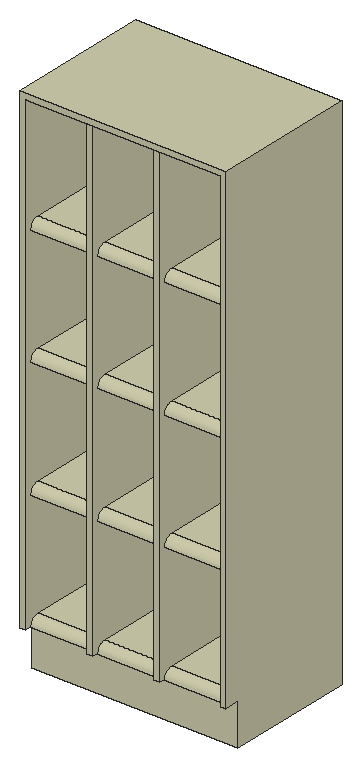
Revit family "Wenger Cabinet 25", category Furniture, Revit 2011
Parameters (values of type "Standard Cabinet #25")
  URL = "http://www.wengercorp.com/Home/Contact.html"
  Toekick Material [instance] = none
  RH End Panel [instance] = no
  Model = "25"
  Manufacturer = "Wenger Corporation"
  LH End Panel [instance] = no
  End Panel Material [instance] = none
  Edge Banding Material [instance] = none
  Door Material [instance] = none
  Description = "Standard Cabinet #25"
  Cabinet Width = 2' - 3 1/2"
  Cabinet Label = Labels : Standard
  Cabinet Height = 5' - 9 3/4"
  Cabinet Depth = 1' - 7 1/4"
  Cabinet Back Thickness = 0' - 0 3/4"
  Assembly Code = ""
Types (4): name | Model | Description | Cabinet Width | Cabinet Label | Cabinet Depth | Cabinet Back Thickness
  Standard Cabinet #25 | "25" | "Standard Cabinet #25" | 2' - 3 1/2" | Labels : Standard | 1' - 7 1/4" | 0' - 0 3/4"
  Acoustic Cabinet #25 | "25A" | "Acoustic Cabinet #25" | 2' - 3 1/2" | Labels : Acoustic | 1' - 9 3/4" | 0' - 3 1/4"
  Narrow Acoustic Cabinet #25 | "25NA" | "Narrow Acoustic Cabinet #25" | 1' - 9 1/2" | Labels : Narrow Acoustic | 1' - 9 3/4" | 0' - 3 1/4"
  Narrow Cabinet #25 | "25N" | "Narrow Cabinet #25" | 1' - 9 1/2" | Labels : Narrow | 1' - 7 1/4" | 0' - 0 3/4"
Reference planes (in)
  plane 1 "Front": y = 0
  plane 2: z = 0
  plane 3 "Left": x = 0
  plane 4 "Right": x = 27.5
  plane 5 "Back": y = 19.25
  plane 6 "Top": z = 69.75
  plane 7: z = 5.625
  plane 8: z = 21.46875
  plane 9: z = 37.3125
  plane 10: z = 53.15625
  plane 11: x = 0.75
  plane 12: x = 26.75
  plane 13: z = 69
  plane 14: x = 8.91667
  plane 15: x = 9.66667
  plane 16: x = 17.83333
  plane 17: x = 18.58333
  plane 18: y = 18.5
  plane 19: y = 2
  plane 20: y = 0.75
  plane 21: z = 22.59375
  plane 22: z = 38.4375
  plane 23: z = 54.28125
  plane 24: z = 6.75
Forms (in)
  Extrusion 1, solid, material "Wenger - Oyster"
    sketch origin (0, 0, 0) x (0, 1, 0) y (0, 0, 1)
      loop
        line (0, 69.75) -> (0, 5.625) -> (2, 5.625) -> (2, 0) -> (19.25, 0) -> (19.25, 69.75) -> (0, 69.75)
    from 0 to 27.5
  Extrusion 2, void
    sketch origin (0, 0, 0) x (0, 1, 0) y (0, 0, 1)
      loop
        line (-5.5, 69) -> (-5.5, 5.625) -> (0.75, 5.625)
        arc (0.75, 5.625) -> (1.18296, 6.40088) -> (2, 6.75) r 1.375
        line (2, 6.75) -> (18.5, 6.75) -> (18.5, 21.46875) -> (0.75, 21.46875)
        arc (0.75, 21.46875) -> (1.18296, 22.24463) -> (2, 22.59375) r 1.375
        line (2, 22.59375) -> (18.5, 22.59375) -> (18.5, 37.3125) -> (0.75, 37.3125)
        arc (0.75, 37.3125) -> (1.18296, 38.08838) -> (2, 38.4375) r 1.375
        line (2, 38.4375) -> (18.5, 38.4375) -> (18.5, 53.15625) -> (0.75, 53.15625)
        arc (0.75, 53.15625) -> (1.18296, 53.93213) -> (2, 54.28125) r 1.375
        line (2, 54.28125) -> (18.5, 54.28125) -> (18.5, 69) -> (-5.5, 69)
    from 0.75 to 8.91667
  Extrusion 3, void
    sketch origin (0, 0, 0) x (0, 1, 0) y (0, 0, 1)
      loop
        line (-5.5, 69) -> (-5.5, 5.625) -> (0.75, 5.625)
        arc (0.75, 5.625) -> (1.18296, 6.40088) -> (2, 6.75) r 1.375
        line (2, 6.75) -> (18.5, 6.75) -> (18.5, 21.46875) -> (0.75, 21.46875)
        arc (0.75, 21.46875) -> (1.18296, 22.24463) -> (2, 22.59375) r 1.375
        line (2, 22.59375) -> (18.5, 22.59375) -> (18.5, 37.3125) -> (0.75, 37.3125)
        arc (0.75, 37.3125) -> (1.18296, 38.08838) -> (2, 38.4375) r 1.375
        line (2, 38.4375) -> (18.5, 38.4375) -> (18.5, 53.15625) -> (0.75, 53.15625)
        arc (0.75, 53.15625) -> (1.18296, 53.93213) -> (2, 54.28125) r 1.375
        line (2, 54.28125) -> (18.5, 54.28125) -> (18.5, 69) -> (-5.5, 69)
    from 9.66667 to 17.83333
  Extrusion 4, void
    sketch origin (0, 0, 0) x (0, 1, 0) y (0, 0, 1)
      loop
        line (-5.5, 69) -> (-5.5, 5.625) -> (0.75, 5.625)
        arc (0.75, 5.625) -> (1.18296, 6.40088) -> (2, 6.75) r 1.375
        line (2, 6.75) -> (18.5, 6.75) -> (18.5, 21.46875) -> (0.75, 21.46875)
        arc (0.75, 21.46875) -> (1.18296, 22.24463) -> (2, 22.59375) r 1.375
        line (2, 22.59375) -> (18.5, 22.59375) -> (18.5, 37.3125) -> (0.75, 37.3125)
        arc (0.75, 37.3125) -> (1.18296, 38.08838) -> (2, 38.4375) r 1.375
        line (2, 38.4375) -> (18.5, 38.4375) -> (18.5, 53.15625) -> (0.75, 53.15625)
        arc (0.75, 53.15625) -> (1.18296, 53.93213) -> (2, 54.28125) r 1.375
        line (2, 54.28125) -> (18.5, 54.28125) -> (18.5, 69) -> (-5.5, 69)
    from 18.58333 to 26.75
  Extrusion 5, void
    sketch origin (0, 0, 0) x (0, 1, 0) y (0, 0, 1)
      loop
        line (0, 69) -> (0, 5.625) -> (0.0625, 5.625) -> (0.0625, 69) -> (0, 69)
    from 0.75 to 26.75
Cuts and joins
  Extrusion 2, Extrusion 3, Extrusion 4, Extrusion 5 cuts Extrusion 1
Lines and regions (in)
  symbolic lines
    curve 1: line (0, 19.25, 0) -> (27.5, 19.25, 0)
    curve 2: line (0, 0, 0) -> (0, 19.25, 0)
    curve 3: line (27.5, 0, 0) -> (0, 0, 0)
    curve 4: line (27.5, 19.25, 0) -> (27.5, 0, 0)
Text (in)
  text "01" at (13.28235, 0, 97.09414), in view "Front"
Dimensions and locks (in)
  locked: plane 3 "Left" to plane 11 at 0.75
  locked: plane 14 to plane 15 at 0.75
  locked: plane 16 to plane 17 at 0.75
  locked: plane 12 to plane 4 "Right" at 0.75
  "Cabinet Back Thickness": plane 5 "Back" to plane 18
  locked: plane 1 "Front" to plane 20 at 0.75
  locked: plane 1 "Front" to plane 19 at 2
  locked: plane 21 to plane 8 at 1.125
  locked: plane 22 to plane 9 at 1.125
  locked: plane 23 to plane 10 at 1.125
  locked: plane 6 "Top" to plane 13 at 0.75
  equal spacing: plane 13, plane 10, plane 9, plane 8, plane 7
  locked: plane 24 to plane 7 at 1.125
  equal spacing: plane 12, plane 16, plane 14, plane 3 "Left"
  "Cabinet Width": plane 3 "Left" to plane 4 "Right"
  locked: plane 7 to level at 5.625
  "Cabinet Height": plane 6 "Top" to level
  "Cabinet Depth": plane 1 "Front" to plane 5 "Back"
  plane 11 to plane 12 = 2' - 2"
  plane 13 to plane 7 = 5' - 3 3/8"
  aligned and locked: Extrusion 1 sketch curve to plane 6 "Top"
  aligned and locked: Extrusion 1 sketch curve to plane 5 "Back"
  aligned and locked: Extrusion 1 sketch curve to plane 1 "Front"
  aligned and locked: Extrusion 1 sketch curve to plane 7
  aligned and locked: Extrusion 1 sketch curve to plane 19
  aligned and locked: Extrusion 1 sketch curve to level
  aligned and locked: Extrusion 1 to plane 4 "Right"
  aligned and locked: Extrusion 1 to plane 3 "Left"
  aligned and locked: Extrusion 2 sketch curve to plane 13
  aligned and locked: Extrusion 2 sketch curve to plane 23
  aligned and locked: Extrusion 2 sketch curve to plane 10
  aligned and locked: Extrusion 2 sketch curve to plane 22
  aligned and locked: Extrusion 2 sketch curve to plane 9
  aligned and locked: Extrusion 2 sketch curve to plane 21
  aligned and locked: Extrusion 2 sketch curve to plane 8
  aligned and locked: Extrusion 2 sketch curve to plane 24
  aligned and locked: Extrusion 2 to plane 11
  aligned and locked: plane 14 to Extrusion 2
  aligned and locked: plane 16 to Extrusion 3
  aligned and locked: Extrusion 3 to plane 15
  aligned and locked: Extrusion 4 to plane 12
  aligned and locked: Extrusion 4 to plane 17
  aligned and locked: Extrusion 5 sketch curve to cut or joined group of Extrusion 1, Extrusion 2, Extrusion 3, Extrusion 4, Extrusion 5  (x3)
  aligned and locked: Extrusion 5 to plane 12
  aligned and locked: Extrusion 5 to plane 11
  aligned and locked: plane 3 "Left" to curve 2
  aligned and locked: curve 1 to plane 5 "Back"
  aligned and locked: plane 4 "Right" to curve 4
  aligned and locked: curve 3 to plane 1 "Front"
Automatic sketch dimensions
  Extrusion 2 sketch curve to plane 7 = 0' - 0"
  Extrusion 2 sketch curve to plane 20 = 0' - 0"  (x4)
  Extrusion 2 sketch curve to plane 19 = 0' - 0"  (x4)
  Extrusion 2 sketch curve to plane 18 = 0' - 0"  (x4)
  plane 1 "Front" to Extrusion 2 sketch curve = 0' - 5 1/2"
  Extrusion 2 sketch curve to plane 19 = 0' - 0.10279"  (x4)
  Extrusion 3 sketch curve to plane 13 = 0' - 0"
  Extrusion 3 sketch curve to plane 7 = 0' - 0"
  Extrusion 3 sketch curve to plane 20 = 0' - 0"  (x4)
  Extrusion 3 sketch curve to plane 8 = 0' - 0"
  Extrusion 3 sketch curve to plane 10 = 0' - 0"
  Extrusion 3 sketch curve to plane 9 = 0' - 0"
  Extrusion 3 sketch curve to plane 19 = 0' - 0"  (x4)
  Extrusion 3 sketch curve to plane 18 = 0' - 0"  (x4)
  Extrusion 3 sketch curve to plane 24 = 0' - 0"
  Extrusion 3 sketch curve to plane 21 = 0' - 0"
  Extrusion 3 sketch curve to plane 22 = 0' - 0"
  Extrusion 3 sketch curve to plane 23 = 0' - 0"
  plane 1 "Front" to Extrusion 3 sketch curve = 0' - 5 1/2"
  Extrusion 3 sketch curve to plane 19 = 0' - 0.10279"  (x4)
  Extrusion 4 sketch curve to plane 13 = 0' - 0"
  Extrusion 4 sketch curve to plane 7 = 0' - 0"
  Extrusion 4 sketch curve to plane 20 = 0' - 0"  (x4)
  Extrusion 4 sketch curve to plane 8 = 0' - 0"
  Extrusion 4 sketch curve to plane 10 = 0' - 0"
  Extrusion 4 sketch curve to plane 9 = 0' - 0"
  Extrusion 4 sketch curve to plane 19 = 0' - 0"  (x4)
  Extrusion 4 sketch curve to plane 18 = 0' - 0"  (x4)
  Extrusion 4 sketch curve to plane 24 = 0' - 0"
  Extrusion 4 sketch curve to plane 21 = 0' - 0"
  Extrusion 4 sketch curve to plane 22 = 0' - 0"
  Extrusion 4 sketch curve to plane 23 = 0' - 0"
  plane 1 "Front" to Extrusion 4 sketch curve = 0' - 5 1/2"
  Extrusion 4 sketch curve to plane 19 = 0' - 0.10279"  (x4)
  plane 20 to Extrusion 5 sketch curve = 0' - 0 11/16"
Nested families (in)
  nested 1: "LH End Panel" at (0, 4.25, 0) x (0, -1, 0) z (0, 0, 1), End Panel Material <- "End Panel Material", visible <- "LH End Panel", Edge Banding Material <- "Edge Banding Material", type "20x84 LH"
    with End Panel Material none, Edge Banding Material none, End Panel Height 5' - 9 3/4"
  nested 2: "RH End Panel" at (28.25, 4.25, 0) x (0, -1, 0) z (0, 0, 1), End Panel Material <- "End Panel Material", visible <- "RH End Panel", Edge Banding Material <- "Edge Banding Material", type "20x84 RH"
    with End Panel Material none, Edge Banding Material none, End Panel Height 5' - 9 3/4"
  nested 3: "Labels" at (10.80773, 9.44622, 0), type <- "Cabinet Label", type "Standard"
  nested 4: "Front Note" at (10.75, 0.75, 0), type "Front Note", detail levels medium+fine
Definition of nested family "LH End Panel"
  Parameters (values of type "20x84 LH")
    End Panel Material [instance] = none
    End Panel Height = 7' - 1 5/8"
    End Panel Depth = 1' - 7 1/4"
    Edge Banding Material [instance] = none
    Default Elevation = 4' - 0"
    Assembly Code = ""
  Reference planes (in)
    plane 1 "Center (Front/Back)": y = 0
    plane 2: z = 0
    plane 3 "Center (Left/Right)": x = 0
    plane 4: x = -15
    plane 5: x = 4.25
    plane 6: z = 5.625
    plane 7: x = 2.25
    plane 8: z = 85.625
    plane 9: y = -0.75
  Forms (in)
    Extrusion 1, solid, material <- "End Panel Material"
      sketch origin (0, 0, 0) x (1, 0, 0) y (0, 0, 1)
        loop
          line (-15, 85.625) -> (-15, 0) -> (2.25, 0) -> (2.25, 5.625) -> (4.25, 5.625) -> (4.25, 85.625) -> (-15, 85.625)
      from 0 to 0.75
  Dimensions and locks (in)
    locked: plane 7 to plane 5 at 2
    locked: plane 6 to level at 5.625
    "End Panel Height": plane 8 to level
    "End Panel Depth": plane 5 to plane 4
    locked: plane 9 to plane 1 "Center (Front/Back)" at 0.75
    aligned and locked: plane 4 to Extrusion 1 sketch curve
    aligned and locked: level to Extrusion 1 sketch curve
    aligned and locked: plane 7 to Extrusion 1 sketch curve
    aligned and locked: plane 6 to Extrusion 1 sketch curve
    aligned and locked: Extrusion 1 sketch curve to plane 5
    aligned and locked: Extrusion 1 sketch curve to plane 8
    aligned and locked: Extrusion 1 to plane 9
    aligned and locked: Extrusion 1 to plane 1 "Center (Front/Back)"
Definition of nested family "RH End Panel"
  Parameters (values of type "20x84 RH")
    End Panel Material [instance] = none
    End Panel Height = 7' - 1 5/8"
    End Panel Depth = 1' - 7 1/4"
    Edge Banding Material [instance] = none
    Default Elevation = 4' - 0"
    Assembly Code = ""
  Reference planes (in)
    plane 1 "Center (Front/Back)": y = 0
    plane 2: z = 0
    plane 3 "Center (Left/Right)": x = 0
    plane 4: x = -15
    plane 5: x = 4.25
    plane 6: z = 5.625
    plane 7: x = 2.25
    plane 8: z = 85.625
    plane 9: y = -0.75
  Forms (in)
    Extrusion 1, solid, material <- "End Panel Material"
      sketch origin (0, 0, 0) x (1, 0, 0) y (0, 0, 1)
        loop
          line (-15, 85.625) -> (-15, 0) -> (2.25, 0) -> (2.25, 5.625) -> (4.25, 5.625) -> (4.25, 85.625) -> (-15, 85.625)
      from 0 to 0.75
  Dimensions and locks (in)
    locked: plane 7 to plane 5 at 2
    locked: plane 6 to level at 5.625
    "End Panel Height": plane 8 to level
    "End Panel Depth": plane 5 to plane 4
    locked: plane 9 to plane 1 "Center (Front/Back)" at 0.75
    aligned and locked: plane 4 to Extrusion 1 sketch curve
    aligned and locked: level to Extrusion 1 sketch curve
    aligned and locked: plane 7 to Extrusion 1 sketch curve
    aligned and locked: plane 6 to Extrusion 1 sketch curve
    aligned and locked: Extrusion 1 sketch curve to plane 5
    aligned and locked: Extrusion 1 sketch curve to plane 8
    aligned and locked: Extrusion 1 to plane 9
    aligned and locked: Extrusion 1 to plane 1 "Center (Front/Back)"
Definition of nested family "Labels"
  Parameters (values of type "Standard")
    Cabinet Label = "01"
  Types (4): name | Cabinet Label
    Standard | "01"
    Narrow | "01N"
    Narrow Acoustic | "01NA"
    Acoustic | "01A"
  Reference planes (in)
    plane 1: y = 0
    plane 2: x = 0
  Text (in)
    label "xxxx" at (-0.00018, 0.00754, 0), shows "Cabinet Label"
Definition of nested family "Front Note"
  Parameters (values of type "Front Note")
    Cabinet Label = "Front"
  Reference planes (in)
    plane 1: y = 0
    plane 2: x = 0
  Text (in)
    label "Front" at (-0.00018, 0.00754, 0), shows "Cabinet Label"
